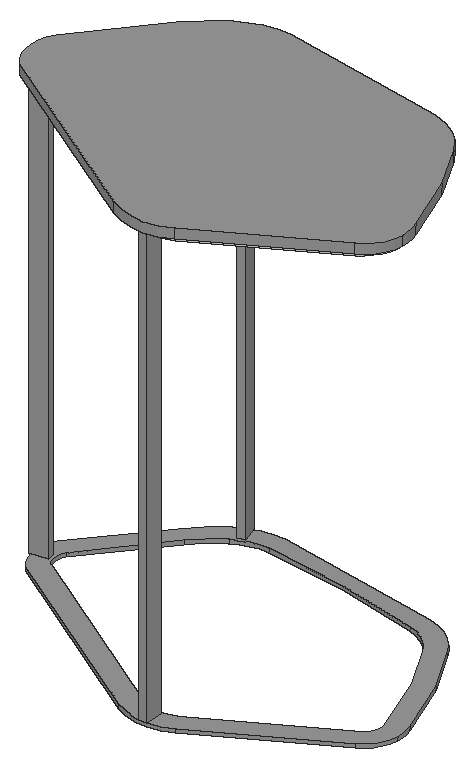
Revit family "Bernhardt-Design_Table_Chance_MidHeight", category Furniture, Revit 2013
Parameters (values of type "Chance Mid HeightTable")
  Model = "Chance Table"
  Length = 15.69"
  Description = "Table"
  Width = 21.63"
  URL = "http://bernhardtdesign.com/"
  Product Page URL = "http://www.bernhardtdesign.com/products/chance/index.html"
  Product Name = "Chance Work Height Table"
  Product Documentation Link = "http://www.bernhardtdesign.com/pdf/pricelists/occasional/Chance_PL.pdf"
  Manufacturer = "Bernhardt "  # constant formula
  Level Certification = ""
  Height = 23.81"
  GreenGuard Certification = ""
  Bernhardt Wood = Wood-Bernhardt-Walnut
  Bernhardt Metal = Metal-Bernhardt-Polished
Reference planes (in)
  plane 1 "Center (Front/Back)": y = 0
  plane 2 "Bottom": z = 0
  plane 3 "Center (Left/Right)": x = 0
  plane 4 "Top of Upper Base": z = 23.10902
  plane 5 "Top of Lower Base": z = 0.25
  plane 6: z = 22.91007
  plane 7 "Table top": z = 23.60902
Forms (in)
  Extrusion 1, solid, material "Wood-Bernhardt-Walnut" <- "Bernhardt Wood"
    sketch origin (0, 0, 23.60902) x (1, 0, 0) y (0, 1, 0)
      loop
        arc (-8.24239, 2.47443) -> (-8.5384, 1.02348) -> (-7.90016, -0.31277) r 2.32972
        line (-7.90016, -0.31277) -> (2.16389, -6.84843)
        arc (2.16389, -6.84843) -> (3.79103, -7.37713) -> (5.46453, -7.02141) r 3.30517
        line (5.46453, -7.02141) -> (11.92921, -3.43798)
        arc (11.92921, -3.43798) -> (12.70066, -2.71859) -> (13.04408, -1.72124) r 2.18009
        arc (13.04408, -1.72124) -> (13.0233, -1.1764) -> (12.86798, -0.65375) r 2.18009
        line (12.86798, -0.65375) -> (11.6137, 2.61378) -> (10.28047, 5.01898)
        arc (10.28047, 5.01898) -> (9.23926, 6.21676) -> (7.80088, 6.88749) r 3.81669
        arc (7.80088, 6.88749) -> (3.46818, 7.88733) -> (-0.9452, 8.42966) r 42.55858
        arc (-0.9452, 8.42966) -> (-2.21432, 8.31875) -> (-3.38695, 7.82086) r 4.06939
        arc (-3.38695, 7.82086) -> (-4.29402, 7.14953) -> (-5.08505, 6.34473) r 7.20019
        line (-5.08505, 6.34473) -> (-8.24239, 2.47443)
    from 0 to -0.5
  Extrusion 2, solid
    sketch origin (0, -14.81214, 23.10902) x (1, 0, 0) y (0, -1, 0)
      loop
        line (-8.03567, -17.14448) -> (-4.89245, -20.99747)
        arc (-4.89245, -20.99747) -> (-4.12935, -21.77357) -> (-3.25443, -22.42101) r 6.95019
        arc (-3.25443, -22.42101) -> (-2.15384, -22.88831) -> (-0.96269, -22.99241) r 3.81939
        arc (-0.96269, -22.99241) -> (3.42803, -22.4527) -> (7.73839, -21.45747) r 42.30858
        arc (7.73839, -21.45747) -> (9.08624, -20.83117) -> (10.06181, -19.70992) r 3.56669
        line (10.06181, -19.70992) -> (11.38657, -17.32001) -> (12.63679, -14.06306)
        arc (12.63679, -14.06306) -> (12.77616, -13.5979) -> (12.79503, -13.11269) r 1.93009
        arc (12.79503, -13.11269) -> (12.49099, -12.2297) -> (11.80801, -11.59281) r 1.93009
        line (11.80801, -11.59281) -> (5.34722, -8.01154)
        arc (5.34722, -8.01154) -> (3.80198, -7.68478) -> (2.30005, -8.17337) r 3.05517
        line (2.30005, -8.17337) -> (-7.73954, -14.69316)
        arc (-7.73954, -14.69316) -> (-8.29075, -15.87012) -> (-8.03567, -17.14448) r 2.07972
      loop
        line (-7.19849, -16.58873) -> (-4.12228, -20.35959)
        arc (-4.12228, -20.35959) -> (-3.47079, -21.02103) -> (-2.72435, -21.57307) r 5.95019
        arc (-2.72435, -21.57307) -> (-1.91192, -21.91802) -> (-1.03264, -21.99486) r 2.81939
        arc (-1.03264, -21.99486) -> (3.26864, -21.46537) -> (7.49078, -20.48816) r 41.30858
        arc (7.49078, -20.48816) -> (8.47513, -20.03949) -> (9.18719, -19.22511) r 2.56669
        line (9.18719, -19.22511) -> (10.47804, -16.89636) -> (11.71394, -13.67673)
        arc (11.71394, -13.67673) -> (11.78798, -13.44391) -> (11.79883, -13.19985) r 0.93009
        arc (11.79883, -13.19985) -> (11.65232, -12.77434) -> (11.3232, -12.46743) r 0.93009
        line (11.3232, -12.46743) -> (4.87986, -8.89583)
        arc (4.87986, -8.89583) -> (3.84685, -8.68383) -> (2.84469, -9.01204) r 2.05517
        line (2.84469, -9.01204) -> (-7.07748, -15.45557)
        arc (-7.07748, -15.45557) -> (-7.29966, -16.00489) -> (-7.19849, -16.58873) r 1.07972
    from 0 to 0.19894
  Extrusion 3, solid, material "Metal-Bernhardt-Polished" <- "Bernhardt Metal"
    sketch origin (0, 0, 0.25) x (0, -1, 0) y (1, 0, 0)
      loop
        line (-7.91519, -2.85004) -> (-7.04353, -2.53278) -> (-7.17098, -2.18263) -> (-8.04264, -2.49989) -> (-7.91519, -2.85004)
      loop
        line (6.2132, 3.70955) -> (7.15505, 3.70955) -> (7.15505, 4.11986) -> (6.2132, 4.11986) -> (6.2132, 3.70955)
      loop
        line (-1.17854, -8.403) -> (-0.79337, -8.34199) -> (-0.93869, -7.42451) -> (-1.32386, -7.48551) -> (-1.17854, -8.403)
    from 0 to 22.66007
  Extrusion 4, solid, material "Metal-Bernhardt-Polished" <- "Bernhardt Metal"
    sketch origin (0, -14.81214, 0.25) x (1, 0, 0) y (0, -1, 0)
      loop
        line (-8.03567, -17.14448) -> (-4.89245, -20.99747)
        arc (-4.89245, -20.99747) -> (-4.12935, -21.77357) -> (-3.25443, -22.42101) r 6.95019
        arc (-3.25443, -22.42101) -> (-2.15384, -22.88831) -> (-0.96269, -22.99241) r 3.81939
        arc (-0.96269, -22.99241) -> (3.42803, -22.4527) -> (7.73839, -21.45747) r 42.30858
        arc (7.73839, -21.45747) -> (9.08624, -20.83117) -> (10.06181, -19.70992) r 3.56669
        line (10.06181, -19.70992) -> (11.38657, -17.32001) -> (12.63679, -14.06306)
        arc (12.63679, -14.06306) -> (12.77616, -13.5979) -> (12.79503, -13.11269) r 1.93009
        arc (12.79503, -13.11269) -> (12.49099, -12.2297) -> (11.80801, -11.59281) r 1.93009
        line (11.80801, -11.59281) -> (5.34722, -8.01154)
        arc (5.34722, -8.01154) -> (3.80198, -7.68478) -> (2.30005, -8.17337) r 3.05517
        line (2.30005, -8.17337) -> (-7.73954, -14.69316)
        arc (-7.73954, -14.69316) -> (-8.29075, -15.87012) -> (-8.03567, -17.14448) r 2.07972
      loop
        line (-7.19849, -16.58873) -> (-4.12228, -20.35959)
        arc (-4.12228, -20.35959) -> (-3.47079, -21.02103) -> (-2.72435, -21.57307) r 5.95019
        arc (-2.72435, -21.57307) -> (-1.91192, -21.91802) -> (-1.03264, -21.99486) r 2.81939
        arc (-1.03264, -21.99486) -> (3.26864, -21.46537) -> (7.49078, -20.48816) r 41.30858
        arc (7.49078, -20.48816) -> (8.47513, -20.03949) -> (9.18719, -19.22511) r 2.56669
        line (9.18719, -19.22511) -> (10.47804, -16.89636) -> (11.71394, -13.67673)
        arc (11.71394, -13.67673) -> (11.78798, -13.44391) -> (11.79883, -13.19985) r 0.93009
        arc (11.79883, -13.19985) -> (11.65232, -12.77434) -> (11.3232, -12.46743) r 0.93009
        line (11.3232, -12.46743) -> (4.87986, -8.89583)
        arc (4.87986, -8.89583) -> (3.84685, -8.68383) -> (2.84469, -9.01204) r 2.05517
        line (2.84469, -9.01204) -> (-7.07748, -15.45557)
        arc (-7.07748, -15.45557) -> (-7.29966, -16.00489) -> (-7.19849, -16.58873) r 1.07972
    from 0 to 0.19894
Lines and regions (in)
  model lines
    curve 1: arc (-3.38695, 7.82086, 23.60902) -> (-4.29402, 7.14953, 23.60902) -> (-5.08505, 6.34473, 23.60902) r 7.20019
    curve 2: arc (-0.9452, 8.42966, 23.60902) -> (-2.21432, 8.31875, 23.60902) -> (-3.38695, 7.82086, 23.60902) r 4.06939
    curve 3: arc (7.80088, 6.88749, 23.60902) -> (3.46818, 7.88733, 23.60902) -> (-0.9452, 8.42966, 23.60902) r 42.55858
    curve 4: arc (10.28047, 5.01898, 23.60902) -> (9.23926, 6.21676, 23.60902) -> (7.80088, 6.88749, 23.60902) r 3.81669
    curve 5: line (10.28047, 5.01898, 23.60902) -> (11.6137, 2.61378, 23.60902)
    curve 6: line (11.6137, 2.61378, 23.60902) -> (12.86798, -0.65375, 23.60902)
    curve 7: arc (13.04408, -1.72124, 23.60902) -> (13.0233, -1.1764, 23.60902) -> (12.86798, -0.65375, 23.60902) r 2.18009
    curve 8: arc (11.92921, -3.43798, 23.60902) -> (12.70066, -2.71859, 23.60902) -> (13.04408, -1.72124, 23.60902) r 2.18009
    curve 9: line (11.92921, -3.43798, 23.60902) -> (5.46453, -7.02141, 23.60902)
    curve 10: arc (2.16389, -6.84843, 23.60902) -> (3.79103, -7.37713, 23.60902) -> (5.46453, -7.02141, 23.60902) r 3.30517
    curve 11: line (2.16389, -6.84843, 23.60902) -> (-7.90016, -0.31277, 23.60902)
    curve 12: arc (-8.24239, 2.47443, 23.60902) -> (-8.5384, 1.02348, 23.60902) -> (-7.90016, -0.31277, 23.60902) r 2.32972
    curve 13: line (-8.24239, 2.47443, 23.60902) -> (-5.08505, 6.34473, 23.60902)
Dimensions and locks (in)
  aligned and locked: plane 2 "Bottom" to level
  aligned and locked: plane 4 "Top of Upper Base" to Extrusion 1
  aligned and locked: Extrusion 1 to plane 7 "Table top"
  aligned and locked: Extrusion 2 to plane 4 "Top of Upper Base"
  aligned and locked: plane 6 to Extrusion 2
  aligned and locked: Extrusion 3 to plane 6
  aligned and locked: Extrusion 3 to plane 5 "Top of Lower Base"
